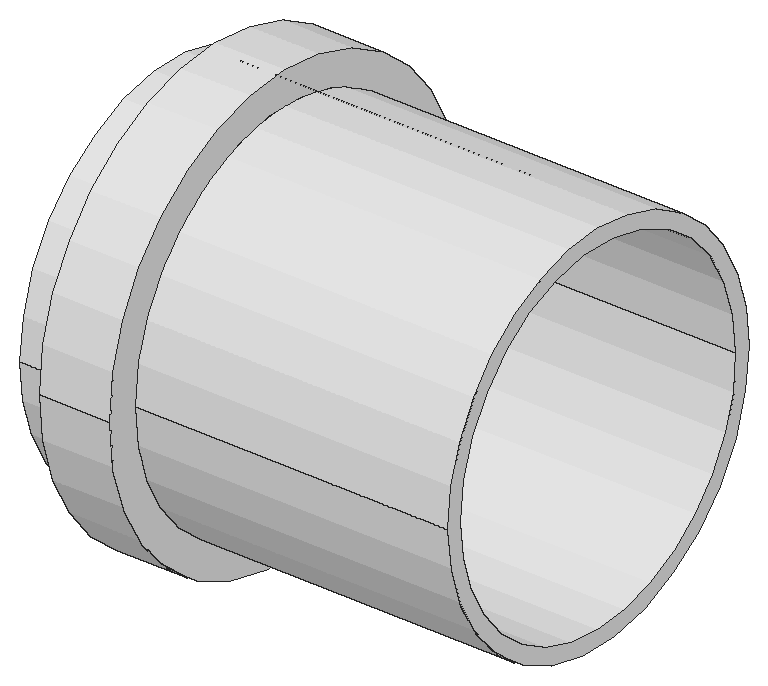
Revit family "Luva", category Pipe Fittings, Revit 2025
Family settings
  Round Connector Dimension = Use Radius
  Part Type = Union
  Work Plane-Based = No
  Always vertical = Yes
  Cut with Voids When Loaded = No
  Shared = Yes
Parameters (values of type "Standard")
  URL = "http://www.tigre.com.br"
  Type Comments = ""
  Tigre: Sistema = "Esgoto"  # constant formula
  Tigre: Norma = ""
  Tigre: Material = "PVC Branco"  # constant formula
  Tigre: Marcador [instance] = "00"
  Tigre: Link do Produto = "http://www.tigre.com.br/pt/produtos_unico.php?rcr_id=4&cpr_id=10&cpr_id_pai=4&lnh_id=9&prd_id=713"
  Tigre: Linha = "Série Normal"  # constant formula
  Tigre: Fabricante = "© Tigre S/A"  # constant formula
  Tigre: Descrição [instance] = if(Diâmetro Nominal = 40.00 mm, "Luva Simples 40mm, Esgoto Série Normal - TIGRE", if(Diâmetro Nominal = 50.00 mm, "Luva Simples 50mm, Esgoto Série Normal - TIGRE", if(Diâmetro Nominal = 75.00 mm, "Luva Simples 75mm, Esgoto Série Normal - TIGRE", if(Diâmetro Nominal = 100.00 mm, "Luva Simples 100mm, Esgoto Série Normal - TIGRE", if(Diâmetro Nominal = 150.00 mm, "Luva Simples 150mm, Esgoto Série Normal - TIGRE", if(Diâmetro Nominal = 200.00 mm, "Luva Simples 200mm, Esgoto Série Normal - TIGRE", "Produto Inexistente"))))))  # "Luva Simples 50mm, Esgoto Série Normal - TIGRE"
  Tigre: Código com Separador [instance] = if(Diâmetro Nominal = 40.00 mm, "27.58.040.8", if(Diâmetro Nominal = 50.00 mm, "26.30.050.9", if(Diâmetro Nominal = 75.00 mm, "26.30.075.4", if(Diâmetro Nominal = 100.00 mm, "26.30.100.9", if(Diâmetro Nominal = 150.00 mm, "26.30.150.5", if(Diâmetro Nominal = 200.00 mm, "26.30.200.5", "Produto ou Código Inexistente"))))))  # "26.30.050.9"
  Tigre: Código [instance] = if(Diâmetro Nominal = 40.00 mm, 27580408, if(Diâmetro Nominal = 50.00 mm, 26300509, if(Diâmetro Nominal = 75.00 mm, 26300754, if(Diâmetro Nominal = 100.00 mm, 26301009, if(Diâmetro Nominal = 150.00 mm, 26301505, if(Diâmetro Nominal = 200.00 mm, 26302005, 0))))))  # 26300509
  Tigre: Comentários [instance] = ""
  Representação Unifilar [instance] = Diâmetro Nominal * 0.2  # 10 mm
  Raio Nominal [instance] = 25 mm
  Raio Bolsa 3 [instance] = size_lookup(Lookup Table Name, "RaioB3", 0.544 * Diâmetro Nominal, Diâmetro Nominal)  # 27.2 mm
  Raio Bolsa 2 [instance] = size_lookup(Lookup Table Name, "RaioB2", 0.636 * Diâmetro Nominal, Diâmetro Nominal)  # 31.8 mm
  Raio Bolsa 1 [instance] = size_lookup(Lookup Table Name, "RaioB1", 0.544 * Diâmetro Nominal, Diâmetro Nominal)  # 27.2 mm
  Model = ""
  Manufacturer = Tigre: Fabricante  # "© Tigre S/A"
  Loss Method = Not Defined
  Lookup Table Name = "Luva Simples - Serie Normal - Esgoto - MEP - Tigre"
  K Coefficient Table = "Reducer/Coupling/Union/Increaser"
  Furo [instance] = size_lookup(Lookup Table Name, "CotCor", 0.78 * Diâmetro Nominal, Diâmetro Nominal)  # 39 mm
  Detalhe [instance] = Diâmetro Nominal = 40.00 mm  # no
  Description = "Luva Simples, Esgoto Série Normal - TIGRE"
  Default Elevation = 0.00 mm
  Cota L4 [instance] = size_lookup(Lookup Table Name, "CotL4", 0.106 * Diâmetro Nominal, Diâmetro Nominal)  # 5.3 mm
  Cota L3 [instance] = size_lookup(Lookup Table Name, "CotL3", 0.024 * Diâmetro Nominal, Diâmetro Nominal)  # 1.2 mm
  Cota L2 [instance] = size_lookup(Lookup Table Name, "CotL2", 0.202 * Diâmetro Nominal, Diâmetro Nominal)  # 10.1 mm
  Cota L1 [instance] = size_lookup(Lookup Table Name, "CotL1", 0.908 * Diâmetro Nominal, Diâmetro Nominal)  # 45.4 mm
  Acabamento [instance] = none
  Diâmetro Nominal [instance] = Raio Nominal * 2  # 50 mm
Reference planes
  plane 1 "Center (Front/Back)": y = 0
  plane 2: z = 0
  plane 3 "Center (Left/Right)": x = 0
  plane 4: x = 62
  plane 5: x = 6.5
  plane 6: x = 16.6
  plane 7: x = 5.3
Forms (mm)
  Sweep 1, solid, material "PVC", detail levels fine
    path origin (0, 0, 0) x (1, 0, 0) y (0, 1, 0)
      loop
        line (0, 0) -> (5.3, 0)
    profile origin (2.65, 0, 0) x (0, 1, 0) y (0, 0, 1)
      loop
        circle (0, 0) r 27.2
  Sweep 2, solid, material "PVC", detail levels fine
    path origin (0, 0, 0) x (1, 0, 0) y (0, 1, 0)
      loop
        line (16.6, 0) -> (62, 0)
    profile origin (39.3, 0, 0) x (0, 1, 0) y (0, 0, 1)
      loop
        circle (0, 0) r 27.2
  Sweep 3, solid, material "PVC", detail levels fine
    path origin (0, 0, 0) x (1, 0, 0) y (0, 1, 0)
      loop
        line (6.5, 0) -> (16.6, 0)
    profile origin (11.55, 0, 0) x (0, 1, 0) y (0, 0, 1)
      loop
        circle (0, 0) r 31.8
  SweptBlend 4, solid, material "PVC", detail levels fine
    path origin (0, 0, 0) x (1, 0, 0) y (0, 1, 0)
      loop
        line (5.3, 0) -> (6.5, 0)
    profile origin (5.3, 0, 0) x (0, 1, 0) y (0, 0, 1)
      loop
        circle (0, 0) r 27.2
    end profile origin (6.5, 0, 0) x (0, 1, 0) y (0, 0, 1)
      loop
        circle (0, 0) r 31.8
  Sweep 5, void
    path origin (0, 0, 0) x (1, 0, 0) y (0, 1, 0)
      loop
        line (0, 0) -> (62, 0)
    profile origin (31, 0, 0) x (0, 1, 0) y (0, 0, 1)
      loop
        circle (0, 0) r 25
  Sweep 6, solid, material "PVC", visible <- "Detalhe", detail levels fine
    path in 3D
      loop
        line (62, 0, 0) -> (56.7, 0, 0)
    profile origin (59.35, 0, 0) x (0, -1, 0) y (0, 0, 1)
      loop
        circle (0, 0) r 27.2
  Sweep 7, void
    path origin (0, 0, 0) x (1, 0, 0) y (0, 1, 0)
      loop
        line (0, 0) -> (39, 0)
    profile origin (19.5, 0, 0) x (0, 1, 0) y (0, 0, 1)
      loop
        circle (0, 0) r 25
Cuts and joins
  Sweep 5, Sweep 7 cuts Sweep 1
  Sweep 5, Sweep 7 cuts Sweep 2
  Sweep 5, Sweep 7 cuts Sweep 3
  Sweep 5, Sweep 7 cuts SweptBlend 4
  joined: Sweep 1, Sweep 2, Sweep 3, SweptBlend 4
  Sweep 5 cuts Sweep 6
Lines and regions (mm)
  model lines, not visible, detail levels coarse+medium
    curve 1: line (39, 0, 0) -> (62, 0, 0)
    curve 3: line (62, 10, 0) -> (62, -10, 0)
    curve 4: line (62, 0, 0) -> (56.7, 0, 0)
    curve 5: line (56.7, 0, 0) -> (55.5, 0, 0)
  model lines, detail levels coarse+medium
    curve 2: line (39, 10, 0) -> (39, -10, 0)
  sketch lines
    curve 6: line (62, 0, 0) -> (56.7, 0, 0)
Dimensions and locks
  "Cota L1": plane 6 to plane 4
  "Cota L2": plane 5 to plane 6
  "Cota L3": plane 7 to plane 5
  "Cota L4": plane 3 "Center (Left/Right)" to plane 7
  equal spacing: curve 2, plane 1 "Center (Front/Back)", curve 2
  "Representação Unifilar": plane 1 "Center (Front/Back)" to curve 2
  "Cota L4": curve 4 to curve 4
  "Cota L3": curve 5 to curve 5
  "Furo": plane 3 "Center (Left/Right)" to Sweep 7 sketch curve
  "Raio Bolsa 3": radius of Sweep 1 sketch curve
  "Raio Bolsa 2": radius of Sweep 3 sketch curve
  "Raio Nominal": radius of Sweep 5 sketch curve
  "Raio Bolsa 3": radius of SweptBlend 4 sketch curve
  "Raio Bolsa 2": radius of SweptBlend 4 sketch curve
  "Raio Bolsa 1": radius of Sweep 2 sketch curve
  "Raio Bolsa 3": radius of Sweep 6 sketch curve
  "Raio Nominal": radius of Sweep 7 sketch curve
  aligned and locked: plane 4 to curve 1
  aligned and locked: plane 1 "Center (Front/Back)" to curve 1
  aligned and locked: plane 3 "Center (Left/Right)" to Sweep 1 sketch curve
  aligned and locked: plane 7 to Sweep 1 sketch curve
  aligned and locked: plane 1 "Center (Front/Back)" to Sweep 1 sketch curve
  aligned and locked: plane 4 to Sweep 2 sketch curve
  aligned and locked: plane 6 to Sweep 2 sketch curve
  aligned and locked: plane 1 "Center (Front/Back)" to Sweep 2 sketch curve
  aligned and locked: plane 5 to Sweep 3 sketch curve
  aligned and locked: plane 6 to Sweep 3 sketch curve
  aligned and locked: plane 1 "Center (Front/Back)" to Sweep 3 sketch curve
  aligned and locked: plane 7 to SweptBlend 4 sketch curve
  aligned and locked: plane 5 to SweptBlend 4 sketch curve
  aligned and locked: plane 1 "Center (Front/Back)" to SweptBlend 4 sketch curve
  aligned and locked: plane 3 "Center (Left/Right)" to Sweep 5 sketch curve
  aligned and locked: plane 4 to Sweep 5 sketch curve
  aligned and locked: plane 1 "Center (Front/Back)" to Sweep 5 sketch curve
  aligned and locked: curve 2 to curve 3  (x2)
  aligned and locked: curve 3 to plane 4
  aligned and locked: plane 3 "Center (Left/Right)" to Sweep 7 sketch curve
  aligned and locked: plane 1 "Center (Front/Back)" to Sweep 7 sketch curve
  aligned and locked: curve 2 to Sweep 7
  aligned and locked: Sweep 7 to curve 1
Automatic sketch dimensions
  Sweep 1 sketch curve to level = 0.00 mm
  Sweep 1 sketch curve to profile plane = 0.00 mm
  Sweep 3 sketch curve to level = 0.00 mm
  Sweep 3 sketch curve to profile plane = 0.00 mm
  Sweep 5 sketch curve to level = 0.00 mm
  Sweep 5 sketch curve to profile plane = 0.00 mm
  plane 1 "Center (Front/Back)" to curve 5 = 0.00 mm
  SweptBlend 4 sketch curve to level = 0.00 mm  (x2)
  SweptBlend 4 sketch curve to profile plane = 0.00 mm  (x2)
  Sweep 2 sketch curve to level = 0.00 mm
  Sweep 2 sketch curve to profile plane = 0.00 mm
  Sweep 6 sketch curve to profile plane = 0.00 mm  (x2)
  Sweep 7 sketch curve to level = 0.00 mm
  Sweep 7 sketch curve to profile plane = 0.00 mm
Connectors
  piping at (39, 0, 0), diameter 50, driven by "Raio Nominal"
    settings: on Sweep 7, index 1, connector inside diameter 50 mm, connector length 0.00 mm, flow factor 0, pipe flow 0.0 L/s, pressure drop 0.0 Pa, fitting loss kfactor 0, connector angle 0.00°, fixture units 0, engagement length 0.00 mm, angle of deflection 0.00°, flow configuration 0, flow direction 0, fitting loss method 0, system type 28, joint type 0, gender type 0, connector reference index 2, connector utility 0, adjustable connector no, is connector primary yes, connector description ""
  piping at (39, 0, 0), diameter 50, driven by "Raio Nominal"
    settings: on Sweep 7, index 2, connector inside diameter 50 mm, connector length 0.00 mm, flow factor 0, pipe flow 0.0 L/s, pressure drop 0.0 Pa, fitting loss kfactor 0, connector angle 0.00°, fixture units 0, engagement length 0.00 mm, angle of deflection 0.00°, flow configuration 0, flow direction 0, fitting loss method 0, system type 28, joint type 0, gender type 0, connector reference index 1, connector utility 0, adjustable connector no, is connector primary no, connector description ""
